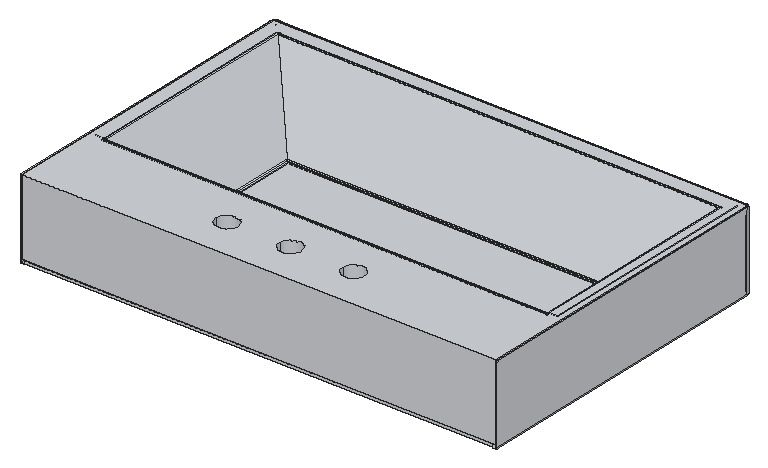
Revit family
Parameters (values of type "650 x 500mm")
  Material = none
  Manufacturer = "Revit"
  Assembly Code = ""
Reference planes
  plane 1: y = 0
  plane 2 "Center (Left/Right)": x = 125
  plane 3 "Back": y = 75
Text (mm)
  text "Placement side" at (-1787.139, 592.35, 0), in view "Ref. Level"
  text "Placement side" at (0, 1827.695, 2917.686), in view "Left"
  text "Placement side" at (0, 562.268, 3853.606), in view "Right"
Dimensions and locks
  locked: plane 3 "Back" to host wall at 0
  aligned and locked: host wall to plane 1
  aligned and locked: plane 3 "Back" to nested 1
Nested families
  nested 1: "Sink_2" at (125, 75, 750), type "650 x 500mm"
Definition of nested family "Sink_2"
  Parameters (values of type "650 x 500mm")
    Material = none
    Manufacturer = "Revit"
    Assembly Code = "D2010440"
  Reference planes
    plane 1 "Center (Front/Back)": y = 0
    plane 2: z = 0
    plane 3 "Center (Left/Right)": x = 0
    plane 4: x = -134.49
    plane 5: x = -249.489
    plane 6: x = -224.489
  Forms (mm)
    Sweep 1, solid
      path origin (-125, -75, 0) x (1, 0, 0) y (0, 1, 0)
        loop
          line (-223.531, 210) -> (-223.531, 550) -> (476.469, 550) -> (476.469, 210)
      profile origin (0, 305, 0) x (-1, 0, 0) y (0, 0, 1)
        loop
          line (363.392, 115) -> (363.392, 120) -> (349.501, 120)
          arc (349.501, 120) -> (348.531, 119.749) -> (347.805, 119.06) r 2
          line (347.805, 119.06) -> (273.98, 0.94)
          arc (273.98, 0.94) -> (273.253, 0.251) -> (272.284, 0) r 2
          line (272.284, 0) -> (268.039, 0) -> (268.039, -5.042) -> (276.137, -5.042) -> (351.163, 115) -> (363.392, 115)
    Sweep 2, solid
      path origin (-125, -75, 0) x (1, 0, 0) y (0, 1, 0)
        loop
          line (-226.163, 205) -> (479.101, 205)
      profile origin (1.469, 0, 0) x (0, 1, 0) y (0, 0, 1)
        loop
          line (149.827, 1.749) -> (135.102, 118.251)
          arc (135.102, 118.251) -> (134.441, 119.5) -> (133.118, 120) r 2
          line (133.118, 120) -> (129.881, 120) -> (145.686, -5.042) -> (155.686, -5.042) -> (155.686, 0) -> (151.811, 0)
          arc (151.811, 0) -> (150.489, 0.5) -> (149.827, 1.749) r 2
    Extrusion 3, solid
      sketch origin (-125, -75, 0) x (1, 0, 0) y (0, 1, 0)
        loop
          arc (-245.531, 573) -> (-247.653, 572.121) -> (-248.531, 570) r 3
          line (-248.531, 570) -> (-248.531, 75) -> (501.469, 75) -> (501.469, 570)
          arc (501.469, 570) -> (500.59, 572.121) -> (498.469, 573) r 3
          line (498.469, 573) -> (-245.531, 573)
        loop
          circle (25.511, 139.361) r 17.5
        loop
          circle (125.511, 139.361) r 17.5
        loop
          circle (225.511, 139.361) r 17.5
        loop
          line (479.101, 550) -> (-226.163, 550) -> (-226.163, 205) -> (479.101, 205) -> (479.101, 550)
      from 0 to 120
    Sweep 4, solid
      path origin (-125, -75, 0) x (1, 0, 0) y (0, 1, 0)
        loop
          line (-248.531, 75) -> (-248.531, 570)
          arc (-248.531, 570) -> (-247.067, 573.536) -> (-243.531, 575) r 5
          line (-243.531, 575) -> (496.469, 575)
          arc (496.469, 575) -> (500.004, 573.536) -> (501.469, 570) r 5
          line (501.469, 570) -> (501.469, 75)
      profile origin (0, 247.5, 0) x (-1, 0, 0) y (0, 0, 1)
        loop
          line (373.531, 120) -> (373.531, -5) -> (374.531, -5)
          arc (374.531, -5) -> (375.238, -4.707) -> (375.531, -4) r 1
          line (375.531, -4) -> (375.531, 119)
          arc (375.531, 119) -> (375.238, 119.707) -> (374.531, 120) r 1
          line (374.531, 120) -> (373.531, 120)
    Extrusion 5, solid
      sketch origin (-125, -75, 0) x (1, 0, 0) y (0, 1, 0)
        loop
          arc (-248.531, 80) -> (-247.067, 76.464) -> (-243.531, 75) r 5
          line (-243.531, 75) -> (496.469, 75)
          arc (496.469, 75) -> (500.004, 76.464) -> (501.469, 80) r 5
          line (501.469, 80) -> (501.469, 570)
          arc (501.469, 570) -> (500.004, 573.536) -> (496.469, 575) r 5
          line (496.469, 575) -> (-243.531, 575)
          arc (-243.531, 575) -> (-247.067, 573.536) -> (-248.531, 570) r 5
          line (-248.531, 570) -> (-248.531, 80)
        loop
          circle (125.51, 275) r 23
      from -5.042 to 0
  Lines and regions (mm)
    symbolic lines
      curve 1: spline (-13.969, 136.838, 0) -> (-13.543, 137.579, 0) -> (-12.294, 138.271, 0) -> (-10.308, 138.864, 0) -> (-7.719, 139.32, 0) -> (-4.704, 139.606, 0) -> (-1.469, 139.704, 0) -> (1.766, 139.606, 0) -> (4.781, 139.32, 0) -> (7.37, 138.864, 0) -> (9.357, 138.271, 0) -> (10.605, 137.579, 0) -> (11.031, 136.838, 0)
      curve 2: spline (-13.969, 136.838, 0) -> (-13.543, 136.096, 0) -> (-12.294, 135.405, 0) -> (-10.308, 134.811, 0) -> (-7.719, 134.356, 0) -> (-4.704, 134.069, 0) -> (-1.469, 133.972, 0) -> (1.766, 134.069, 0) -> (4.781, 134.356, 0) -> (7.37, 134.811, 0) -> (9.357, 135.405, 0) -> (10.605, 136.096, 0) -> (11.031, 136.838, 0)
      curve 3: line (370, 500, 0) -> (-370, 500, 0)
      curve 4: arc (-370, 500, 0) -> (-373.536, 498.536, 0) -> (-375, 495, 0) r 5
      curve 5: line (-375, 495, 0) -> (-375, 0, 0)
      curve 6: line (-375, 0, 0) -> (375, 0, 0)
      curve 7: line (375, 0, 0) -> (375, 495, 0)
      curve 8: arc (375, 495, 0) -> (373.536, 498.536, 0) -> (370, 500, 0) r 5
      curve 9: line (345, 475, 0) -> (-345, 475, 0)
      curve 10: arc (-345, 475, 0) -> (-348.536, 473.536, 0) -> (-350, 470, 0) r 5
      curve 11: line (-350, 470, 0) -> (-350, 135, 0)
      curve 12: arc (-350, 135, 0) -> (-348.536, 131.464, 0) -> (-345, 130, 0) r 5
      curve 13: line (-345, 130, 0) -> (345, 130, 0)
      curve 14: arc (345, 130, 0) -> (348.536, 131.464, 0) -> (350, 135, 0) r 5
      curve 15: line (350, 135, 0) -> (350, 470, 0)
      curve 16: arc (350, 470, 0) -> (348.536, 473.536, 0) -> (345, 475, 0) r 5
      curve 17: line (-348.555, 473.516, 0) -> (-270.329, 393.13, 0)
      curve 18: line (348.536, 473.536, 0) -> (268.13, 393.13, 0)
      curve 19: line (-347.276, 130.548, 0) -> (-270.329, 146.03, 0)
      curve 20: line (347.255, 130.537, 0) -> (268.13, 146.03, 0)
      curve 21: line (268.13, 388.13, 0) -> (268.13, 151.03, 0)
      curve 22: arc (268.13, 151.03, 0) -> (266.665, 147.494, 0) -> (263.13, 146.03, 0) r 5
      curve 23: line (263.13, 146.03, 0) -> (-265.329, 146.03, 0)
      curve 24: arc (-265.329, 146.03, 0) -> (-268.865, 147.494, 0) -> (-270.329, 151.03, 0) r 5
      curve 25: line (-270.329, 151.03, 0) -> (-270.329, 388.13, 0)
      curve 26: arc (-270.329, 388.13, 0) -> (-268.865, 391.665, 0) -> (-265.329, 393.13, 0) r 5
      curve 27: line (-265.329, 393.13, 0) -> (263.13, 393.13, 0)
      curve 28: arc (263.13, 393.13, 0) -> (266.665, 391.665, 0) -> (268.13, 388.13, 0) r 5
      curve 29: arc (36.031, 200, 0) -> (-1.469, 237.5, 0) -> (-38.969, 200, 0) r 37.5
      curve 30: arc (-38.969, 200, 0) -> (-1.469, 162.5, 0) -> (36.031, 200, 0) r 37.5
      curve 31: arc (-1.469, 177, 0) -> (-24.469, 200, 0) -> (-1.469, 223, 0) r 23
      curve 32: arc (-1.469, 223, 0) -> (21.531, 200, 0) -> (-1.469, 177, 0) r 23
      curve 33: arc (-82.5, 70, 0) -> (-100, 87.5, 0) -> (-117.5, 70, 0) r 17.5
      curve 34: arc (-117.5, 70, 0) -> (-100, 52.5, 0) -> (-82.5, 70, 0) r 17.5
      curve 35: arc (-17.5, 70, 0) -> (0, 52.5, 0) -> (17.5, 70, 0) r 17.5
      curve 36: arc (17.5, 70, 0) -> (0, 87.5, 0) -> (-17.5, 70, 0) r 17.5
      curve 37: arc (82.5, 70, 0) -> (100, 52.5, 0) -> (117.5, 70, 0) r 17.5
      curve 38: arc (117.5, 70, 0) -> (100, 87.5, 0) -> (82.5, 70, 0) r 17.5
